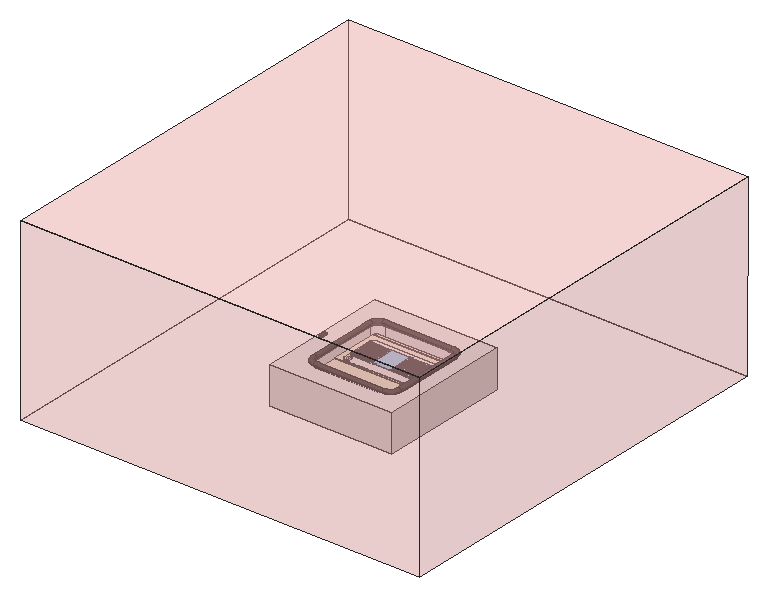
Revit family "BFP-WPL-DSD-MS-___", category Electrical Equipment, host Face, Revit 2018
Family settings
  Host = Face
  Round Connector Dimension = Use Diameter
  Part Type = Other Panel
  OmniClass Number = 23.29.31.13.13
  OmniClass Title = Secondary Fire Alarm Control Panels
  Cut with Voids When Loaded = No
  Shared = No
  Room Calculation Point = No
Parameters (values of type "2/4/8/16 Zone")
  void1 h s = Thick - 2 mm  # 124 mm
  void1 = High - 40 mm - 2 mm  # 328 mm
  void1 h e = Thick  # 126 mm
  r = 40 mm
  Width = 325 mm
  W = 525 mm
  Thick = 126 mm
  Panel Thick = Thick + 2 mm  # 128 mm
  Panel Small R = 20 mm
  Panel H1 = High - 70 mm  # 300 mm
  L1 = Width * 0.06153  # 19.997 mm
  High = 370 mm
  H4 = Panel H1 * 0.15  # 45 mm
  H3 = Panel H1 * 0.066666  # 20 mm
  H2 = Panel H1 * 0.56667  # 170 mm
  H = 569 mm
  DSD.Com.Material = ""
  DSD.Com.Installed Date [instance] = ""
  DSD.Com.Commission Date [instance] = ""
  DSD.Com.CAT Code = "BFP"
  DSD.Com.Asset Code [instance] = ""
  DSD.BFP.Wireless_Optical Zone Tag ID [instance] = ""
  DSD.BFP.Wireless_Optical Tag ID [instance] = ""
  DSD.BFP.Width = 0 mm
  DSD.BFP.Weight = ""
  DSD.BFP.Usage Unit = ""
  DSD.BFP.Unit Number [instance] = ""
  DSD.BFP.System Code [instance] = ""
  DSD.BFP.Supplier Name = ""
  DSD.BFP.Supplier Contact = ""
  DSD.BFP.Site ID = ""
  DSD.BFP.Serial Number [instance] = ""
  DSD.BFP.Remark [instance] = ""
  DSD.BFP.Priority = ""
  DSD.BFP.Place of Origin = ""
  DSD.BFP.Original Price Amount Currency = ""
  DSD.BFP.Original Price Amount [instance] = ""
  DSD.BFP.Model = ""
  DSD.BFP.Manufacturer Name = ""
  DSD.BFP.Manufacturer Contact = ""
  DSD.BFP.Manufactured Date [instance] = ""
  DSD.BFP.Maintenance Usage Threshold = ""
  DSD.BFP.Length = 0 mm
  DSD.BFP.Is Parent Entity = ""
  DSD.BFP.Height = 0 mm
  DSD.BFP.File Number [instance] = ""
  DSD.BFP.Expected Life Time = ""
  DSD.BFP.Equipment Type = ""
  DSD.BFP.Equipment Number [instance] = ""
  DSD.BFP.Equipment Name English = ""
  DSD.BFP.Equipment Name Chinese = ""
  DSD.BFP.Elevation Type = ""
  DSD.BFP.Elevation [instance] = ""
  DSD.BFP.District Code = ""
  DSD.BFP.DLP End Date [instance] = ""
  DSD.BFP.Criticality = ""
  DSD.BFP.Brand Name = ""
  DSD.BFP.Address = ""
  Clearance from Top [instance] = 600 mm
  Clearance from Right [instance] = 600 mm
  Clearance from Left [instance] = 600 mm
  Clearance from Front [instance] = 600 mm
  Clearance from Bottom [instance] = 0 mm
  Clearance from Back [instance] = 600 mm
  Clearance Space_Visible [instance] = yes
  2D Symbol_DI_Visible [instance] = yes
  2D Symbol_Anno_Visible [instance] = yes
  2D Symbol_DI_Offset X [instance] = 0 mm
  2D Symbol_DI_Offset Y [instance] = 0 mm
  Default Elevation = 1219.2 mm
  2D Symbol_DI_Angle [instance] = 90.00°
  2D Symbol_Anno_Offset X [instance] = 0 mm
  2D Symbol_Anno_Angle [instance] = 90.00°
  2D Symbol_Anno_Offset Y [instance] = 0 mm
  2D Symbol_DI_Scale [instance] = DI_BFP_WPL : 1to50
Types (2, lengths in mm): name | void1 h s | void1 | void1 h e | Width | W | Thick | Panel Thick | Panel H1 | L1 | High | H4 | H3 | H2 | H
  2/4/8/16 Zone | 124 | 328 | 126 | 325 | 525 | 126 | 128 | 300 | 19.997 | 370 | 45 | 20 | 170 | 569
  32 Zone | 129 | 399 | 131 | 400 | 600 | 131 | 133 | 371 | 24.612 | 441 | 55.65 | 24.733 | 210.233 | 640
Reference planes
  plane 1 "Center (Front/Back)": y = 0
  plane 2: z = 0
  plane 3 "Center (Left/Right)": x = 0
  plane 4: x = -162.5
  plane 5: x = 162.5
  plane 6: y = 300
  plane 7: y = 130
  plane 8: x = 142.5
  plane 9: x = -142.5
  plane 10: y = 150
  plane 11: y = 85
  plane 12: x = -122.503
  plane 13: y = 370
  plane 14: y = 185
  plane 15: y = -98.048
Forms (mm)
  Extrusion 1, void
    sketch origin (0, 0, 0) x (1, 0, 0) y (0, 1, 0)
      loop
        line (162.5, 330) -> (-162.5, 330) -> (-162.5, 328) -> (162.5, 328) -> (162.5, 330)
    from 124 <- "void1 h s" to 126 <- "void1 h e"
  Sweep 2, solid, material "SHS_White_255-245-206", detail levels fine
    path origin (0, 0, 0) x (1, 0, 0) y (0, 1, 0)
      loop
        line (-162.5, 0) -> (162.5, 0)
    profile origin (0, 0, 0) x (0, 1, 0) y (0, 0, 1)
      loop
        line (370, 0) -> (370, 86)
        arc (370, 86) -> (358.284, 114.284) -> (330, 126) r 40
        line (330, 126) -> (40, 126)
        arc (40, 126) -> (11.716, 114.284) -> (0, 86) r 40
        line (0, 86) -> (0, 0) -> (370, 0)
  Extrusion 3, void
    sketch origin (0, -568, 0) x (1, 0, 0) y (0, 1, 0)
      loop
        line (162.5, 690) -> (-162.5, 690) -> (-162.5, 688) -> (162.5, 688) -> (162.5, 690)
    from 124 <- "void1 h s" to 126 <- "void1 h e"
  Extrusion 4, solid, detail levels fine
    sketch origin (0, 0, 0) x (1, 0, 0) y (0, 1, 0)
      loop
        line (-122.5, 130) -> (122.5, 130)
        arc (122.5, 130) -> (136.642, 135.858) -> (142.5, 150) r 20
        line (142.5, 150) -> (142.5, 280)
        arc (142.5, 280) -> (136.642, 294.142) -> (122.5, 300) r 20
        line (122.5, 300) -> (-122.5, 300)
        arc (-122.5, 300) -> (-136.642, 294.142) -> (-142.5, 280) r 20
        line (-142.5, 280) -> (-142.5, 150)
        arc (-142.5, 150) -> (-136.642, 135.858) -> (-122.5, 130) r 20
    from 126 <- "Thick" to 128 <- "Panel Thick"
  Extrusion 5, solid, material "SHS_White_255-255-255", detail levels fine
    sketch origin (0, 0, 0) x (1, 0, 0) y (0, 1, 0)
      loop
        line (-267.897, -98.048) -> (257.103, -98.048) -> (257.103, 470.952) -> (-267.897, 470.952) -> (-267.897, -98.048)
      loop
        arc (-147.5, 370) -> (-172.249, 359.749) -> (-182.5, 335) r 35
        line (-182.5, 335) -> (-182.5, 35)
        arc (-182.5, 35) -> (-172.249, 10.251) -> (-147.5, 0) r 35
        line (-147.5, 0) -> (147.5, 0)
        arc (147.5, 0) -> (172.249, 10.251) -> (182.5, 35) r 35
        line (182.5, 35) -> (182.5, 335)
        arc (182.5, 335) -> (172.249, 359.749) -> (147.5, 370) r 35
        line (147.5, 370) -> (-147.5, 370)
    from 0 to 160
  Extrusion 6, solid, material "Glass", detail levels fine
    sketch origin (0, 0, 0) x (1, 0, 0) y (0, 1, 0)
      loop
        arc (-182.5, 35) -> (-172.249, 10.251) -> (-147.5, 0) r 35
        line (-147.5, 0) -> (147.5, 0)
        arc (147.5, 0) -> (172.249, 10.251) -> (182.5, 35) r 35
        line (182.5, 35) -> (182.5, 335)
        arc (182.5, 335) -> (172.249, 359.749) -> (147.5, 370) r 35
        line (147.5, 370) -> (-147.5, 370)
        arc (-147.5, 370) -> (-172.249, 359.749) -> (-182.5, 335) r 35
        line (-182.5, 335) -> (-182.5, 35)
    from 155 to 160
  Sweep 7, solid, material "SHS_Black_0-0-0", detail levels fine
    path in 3D
      loop
        arc (-182.5, 35, 160) -> (-172.249, 10.251, 160) -> (-147.5, 0, 160) r 35
        line (-147.5, 0, 160) -> (147.5, 0, 160)
        arc (147.5, 0, 160) -> (172.249, 10.251, 160) -> (182.5, 35, 160) r 35
        line (182.5, 35, 160) -> (182.5, 335, 160)
        arc (182.5, 335, 160) -> (172.249, 359.749, 160) -> (147.5, 370, 160) r 35
        line (147.5, 370, 160) -> (-147.5, 370, 160)
        arc (-147.5, 370, 160) -> (-172.249, 359.749, 160) -> (-182.5, 335, 160) r 35
        line (-182.5, 335, 160) -> (-182.5, 35, 160)
    profile origin (-182.5, 185, 160) x (1, 0, 0) y (0, 0, 1)
      loop
        circle (0, 0) r 10
  Blend 8, solid, material "SHS_Grey_192-192-192", detail levels fine
    base sketch origin (0, 0, 128) x (1, 0, 0) y (0, 1, 0)
      loop
        circle (-122.503, 150) r 7.988
    top sketch origin (0, 0, 128) x (1, 0, 0) y (0, 1, 0)
      loop
        circle (-122.503, 150) r 6
    from 0 to 2
  Blend 9, solid, material "SHS_Grey_192-192-192", detail levels fine
    base sketch origin (-162.5, 40, 126) x (1, 0, 0) y (0, 1, 0)
      loop
        circle (305, 45) r 14
    top sketch origin (-162.5, 40, 126) x (1, 0, 0) y (0, 1, 0)
      loop
        circle (305, 45) r 10
    from 0 to 2
  Extrusion 10, solid, material "SHS_Black_0-0-0", detail levels fine
    sketch origin (0, -65, 0) x (1, 0, 0) y (0, 1, 0)
      loop
        line (-255.332, 246.948) -> (-255.332, 216.948) -> (-245.332, 216.948) -> (-245.332, 246.948) -> (-255.332, 246.948)
    from 160 to 170
Cuts and joins
  Extrusion 1, Extrusion 3 cuts Sweep 2
Lines and regions (mm)
  sketch lines
    curve 1: line (-182.5, 335, 160) -> (-182.5, 35, 160)
    curve 2: arc (-147.5, 0, 160) -> (-172.249, 10.251, 160) -> (-182.5, 35, 160) r 35
    curve 3: line (-147.5, 0, 160) -> (147.5, 0, 160)
    curve 4: arc (182.5, 35, 160) -> (172.249, 10.251, 160) -> (147.5, 0, 160) r 35
    curve 5: line (182.5, 35, 160) -> (182.5, 335, 160)
    curve 6: arc (147.5, 370, 160) -> (172.249, 359.749, 160) -> (182.5, 335, 160) r 35
    curve 7: line (147.5, 370, 160) -> (-147.5, 370, 160)
    curve 8: arc (-182.5, 335, 160) -> (-172.249, 359.749, 160) -> (-147.5, 370, 160) r 35
Dimensions and locks
  "Width": plane 4 to plane 5
  equal spacing: plane 4, plane 3 "Center (Left/Right)", plane 5
  "High": Sweep 2 sketch curve to plane 1 "Center (Front/Back)"
  "Thick": Sweep 2 sketch curve to level
  "void1": Extrusion 1 to plane 1 "Center (Front/Back)"
  "void1 h e": Extrusion 1 to level
  "Panel H1": plane 6 to plane 1 "Center (Front/Back)"
  "H2": plane 6 to plane 7
  locked: plane 4 to plane 9 at 20
  locked: plane 8 to plane 5 at 20
  locked: nested 1 to plane 6 at 130
  locked: plane 5 to Extrusion 5 sketch curve at 20
  locked: Extrusion 5 sketch curve to plane 4 at 20
  "H3": plane 10 to plane 7
  "H4": plane 7 to plane 11
  "L1": plane 9 to plane 12
  "High": plane 13 to plane 1 "Center (Front/Back)"
  equal spacing: plane 13, plane 14, plane 1 "Center (Front/Back)"
  "r": radius of Sweep 2 sketch curve  (x2)
  "Panel Small R": radius of Extrusion 4 sketch curve  (x4)
  "2D Symbol_DI_Angle": angle level to nested 2
  "2D Symbol_DI_Angle": angle nested 2 to plane 2
  "2D Symbol_Anno_Angle": angle plane 14 to nested 4
  aligned and locked: plane 2 to host face
  aligned and locked: level to host face
  aligned and locked: Extrusion 1 to plane 4
  aligned and locked: plane 5 to Extrusion 1
  aligned and locked: Extrusion 4 sketch curve to plane 7
  aligned and locked: Extrusion 4 sketch curve to plane 9
  aligned and locked: plane 6 to Extrusion 4 sketch curve
  aligned and locked: Extrusion 4 sketch curve to plane 8
  aligned and locked: Extrusion 6 sketch curve to Extrusion 5  (x4)
  aligned and locked: plane 10 to Blend 8 sketch curve  (x2)
  aligned and locked: plane 12 to Blend 8 sketch curve  (x2)
  aligned and locked: plane 11 to Blend 9 sketch curve  (x2)
  aligned and locked: plane 8 to Blend 9 sketch curve  (x2)
  aligned and locked: nested 5 to plane 14
Automatic sketch dimensions
  host sketch curve to host sketch curve = 2438.4 mm  (x2)
  Extrusion 1 sketch curve to plane 4 = 0 mm
  Extrusion 1 sketch curve to plane 5 = 0 mm
  plane 6 to Extrusion 1 sketch curve = 28 mm
  Extrusion 1 sketch curve to Extrusion 1 sketch curve = 2 mm
  plane 1 "Center (Front/Back)" to Sweep 2 sketch curve = 0 mm
  Sweep 2 sketch curve to plane 4 = 0 mm
  Sweep 2 sketch curve to plane 5 = 0 mm
  Extrusion 3 sketch curve to plane 4 = 0 mm
  Extrusion 3 sketch curve to plane 5 = 0 mm
  Extrusion 3 sketch curve to plane 7 = 10 mm
  Extrusion 3 sketch curve to Extrusion 3 sketch curve = 2 mm
  plane 1 "Center (Front/Back)" to Extrusion 5 sketch curve = 0 mm
  Extrusion 5 sketch curve to plane 4 = 105.397 mm
  Extrusion 5 sketch curve to plane 9 = 5 mm  (x2)
  Extrusion 5 sketch curve to plane 8 = 5 mm  (x2)
  plane 5 to Extrusion 5 sketch curve = 94.603 mm
  plane 1 "Center (Front/Back)" to Extrusion 5 sketch curve = 98.048 mm
  plane 6 to Extrusion 5 sketch curve = 35 mm
  Extrusion 5 sketch curve to Extrusion 5 sketch curve = 100.952 mm
  profile plane to Sweep 7 sketch curve = 0 mm
  Sweep 7 sketch curve to profile plane = 0 mm
  Sweep 2 sketch curve to level = 0 mm
  Sweep 2 sketch curve to profile plane = 0 mm
  plane 14 to Extrusion 10 sketch curve = 33.052 mm
  Extrusion 10 sketch curve to plane 4 = 92.832 mm
  Extrusion 10 sketch curve to Extrusion 10 sketch curve = 10 mm
  Extrusion 10 sketch curve to Extrusion 10 sketch curve = 30 mm
  radius of Sweep 7 sketch curve = 10 mm
  radius of Blend 8 sketch curve = 7.988 mm
  radius of Blend 8 sketch curve = 6 mm
  radius of Blend 9 sketch curve = 14 mm
  radius of Blend 9 sketch curve = 10 mm
Nested families
  nested 1: "Panel Button" at (-171.268, 276, 128), type "Panel Button", detail levels fine
  nested 2: "DI_BFP_WPL" at (-2.113, 0, 2.113) x (-1, 0, 0) z (0, -1, 0), visible <- "2D Symbol_DI_Visible", User X <- "2D Symbol_DI_Offset X", User Y <- "2D Symbol_DI_Offset Y", type <- "2D Symbol_DI_Scale", type "1to50", detail levels coarse+medium
    with User Y 0 mm, User X 0 mm, Detail Item W 10000 mm, Detail Item H 10000 mm, 2W 20000 mm, 2H 20000 mm
  nested 3: "Anno_BFP_WPL" at (-2498.71, -822.474, 0), type "Anno_BFP_WPL"
    with User Y 0 mm, User X 0 mm, Annotation W 200 mm, Annotation H 200 mm
  nested 4: "Anno_BFP_WPL" at (0, 185, 0), User X <- "2D Symbol_Anno_Offset X", User Y <- "2D Symbol_Anno_Offset Y", visible <- "2D Symbol_Anno_Visible", type "Anno_BFP_WPL", detail levels coarse+medium
    with User Y 0 mm, User X 0 mm, Annotation W 200 mm, Annotation H 200 mm
  nested 5: "Clearance Space" at (0, 185, 0), ClearanceFromBack <- "Clearance from Back", ClearanceFromFront <- "Clearance from Front", ClearanceFromLeft <- "Clearance from Left", ClearanceFromRight <- "Clearance from Right", ClearanceFromTop <- "Clearance from Top", ClearanceFromBottom <- "Clearance from Bottom", visible <- "Clearance Space_Visible", ObjectWidth <- "H", ObjectLength <- "W", type "Clearance Space"
    with box vv yes, ObjectWidth 569 mm, ObjectLength 525 mm, ObjectHeight 170 mm, ObjectDepth 0 mm, ClearanceFromTop 600 mm, ClearanceFromRight 600 mm, ClearanceFromLeft 600 mm, ClearanceFromFront 600 mm, ClearanceFromBottom 0 mm, ClearanceFromBack 600 mm
Connectors
  electrical at (0, 370, 43)
    settings: on cut or joined group of Extrusion 1, Sweep 2, Extrusion 3, index 1, voltage 230 V, apparent load 0 VA, apparent load phase1 230 VA, apparent load phase2 0 VA, apparent load phase3 0 VA, power factor 1, load classification "Other", number of poles 1, system type 11, power factor state 1, is connector primary yes, connector utility no, sub classification motor no, connector description ""
Definition of nested family "Panel Button"
  Parameters (values of type "Panel Button")
    Default Elevation = 1219.2 mm
  Reference planes
    plane 1 "Center (Front/Back)": y = 0
    plane 2: z = 0
    plane 3 "Center (Left/Right)": x = 0
  Forms (mm)
    Extrusion 1, solid
      sketch origin (0, 0, 0) x (1, 0, 0) y (0, 1, 0)
        loop
          line (-1219.2, 1219.2) -> (-1219.2, -1219.2) -> (1219.2, -1219.2) -> (1219.2, 1219.2) -> (-1219.2, 1219.2)
      from 0 to -304.8
    Extrusion 2, solid
      sketch origin (40, 0, 0) x (1, 0, 0) y (0, 1, 0)
        loop
          arc (0, 5) -> (-3.5, 1.5) -> (0, -2) r 3.5
          line (0, -2) -> (80, -2)
          arc (80, -2) -> (83.5, 1.5) -> (80, 5) r 3.5
          line (80, 5) -> (0, 5)
      from 0 to 1
    Extrusion 3, solid
      sketch origin (0, 0, 0) x (1, 0, 0) y (0, 1, 0)
        loop
          arc (201.268, -106) -> (204.803, -104.536) -> (206.268, -101) r 5
          line (206.268, -101) -> (206.268, 0)
          arc (206.268, 0) -> (204.803, 3.536) -> (201.268, 5) r 5
          line (201.268, 5) -> (136.268, 5)
          arc (136.268, 5) -> (132.732, 3.536) -> (131.268, 0) r 5
          line (131.268, 0) -> (131.268, -101)
          arc (131.268, -101) -> (132.732, -104.536) -> (136.268, -106) r 5
          line (136.268, -106) -> (201.268, -106)
      from 0 to 1
    Extrusion 4, solid
      sketch origin (40, -8, 0) x (1, 0, 0) y (0, 1, 0)
        loop
          arc (0, 5) -> (-3.5, 1.5) -> (0, -2) r 3.5
          line (0, -2) -> (80, -2)
          arc (80, -2) -> (83.5, 1.5) -> (80, 5) r 3.5
          line (80, 5) -> (0, 5)
      from 0 to 1
    Extrusion 5, solid
      sketch origin (40, -16, 0) x (1, 0, 0) y (0, 1, 0)
        loop
          arc (0, 5) -> (-3.5, 1.5) -> (0, -2) r 3.5
          line (0, -2) -> (80, -2)
          arc (80, -2) -> (83.5, 1.5) -> (80, 5) r 3.5
          line (80, 5) -> (0, 5)
      from 0 to 1
    Extrusion 6, solid
      sketch origin (40, -24, 0) x (1, 0, 0) y (0, 1, 0)
        loop
          arc (0, 5) -> (-3.5, 1.5) -> (0, -2) r 3.5
          line (0, -2) -> (80, -2)
          arc (80, -2) -> (83.5, 1.5) -> (80, 5) r 3.5
          line (80, 5) -> (0, 5)
      from 0 to 1
    Extrusion 7, solid
      sketch origin (40, -32, 0) x (1, 0, 0) y (0, 1, 0)
        loop
          arc (0, 5) -> (-3.5, 1.5) -> (0, -2) r 3.5
          line (0, -2) -> (80, -2)
          arc (80, -2) -> (83.5, 1.5) -> (80, 5) r 3.5
          line (80, 5) -> (0, 5)
      from 0 to 1
    Extrusion 8, solid
      sketch origin (40, -40, 0) x (1, 0, 0) y (0, 1, 0)
        loop
          arc (0, 5) -> (-3.5, 1.5) -> (0, -2) r 3.5
          line (0, -2) -> (80, -2)
          arc (80, -2) -> (83.5, 1.5) -> (80, 5) r 3.5
          line (80, 5) -> (0, 5)
      from 0 to 1
    Extrusion 9, solid
      sketch origin (40, -48, 0) x (1, 0, 0) y (0, 1, 0)
        loop
          arc (0, 5) -> (-3.5, 1.5) -> (0, -2) r 3.5
          line (0, -2) -> (80, -2)
          arc (80, -2) -> (83.5, 1.5) -> (80, 5) r 3.5
          line (80, 5) -> (0, 5)
      from 0 to 1
    Extrusion 10, solid
      sketch origin (40, -56, 0) x (1, 0, 0) y (0, 1, 0)
        loop
          arc (0, 5) -> (-3.5, 1.5) -> (0, -2) r 3.5
          line (0, -2) -> (80, -2)
          arc (80, -2) -> (83.5, 1.5) -> (80, 5) r 3.5
          line (80, 5) -> (0, 5)
      from 0 to 1
    Extrusion 11, solid
      sketch origin (40, -64, 0) x (1, 0, 0) y (0, 1, 0)
        loop
          arc (0, 5) -> (-3.5, 1.5) -> (0, -2) r 3.5
          line (0, -2) -> (80, -2)
          arc (80, -2) -> (83.5, 1.5) -> (80, 5) r 3.5
          line (80, 5) -> (0, 5)
      from 0 to 1
    Extrusion 12, solid
      sketch origin (40, -72, 0) x (1, 0, 0) y (0, 1, 0)
        loop
          arc (0, 5) -> (-3.5, 1.5) -> (0, -2) r 3.5
          line (0, -2) -> (80, -2)
          arc (80, -2) -> (83.5, 1.5) -> (80, 5) r 3.5
          line (80, 5) -> (0, 5)
      from 0 to 1
    Extrusion 13, solid
      sketch origin (40, -80, 0) x (1, 0, 0) y (0, 1, 0)
        loop
          arc (0, 5) -> (-3.5, 1.5) -> (0, -2) r 3.5
          line (0, -2) -> (80, -2)
          arc (80, -2) -> (83.5, 1.5) -> (80, 5) r 3.5
          line (80, 5) -> (0, 5)
      from 0 to 1
    Extrusion 14, solid
      sketch origin (40, -88, 0) x (1, 0, 0) y (0, 1, 0)
        loop
          arc (0, 5) -> (-3.5, 1.5) -> (0, -2) r 3.5
          line (0, -2) -> (80, -2)
          arc (80, -2) -> (83.5, 1.5) -> (80, 5) r 3.5
          line (80, 5) -> (0, 5)
      from 0 to 1
    Extrusion 15, solid
      sketch origin (40, -96, 0) x (1, 0, 0) y (0, 1, 0)
        loop
          arc (0, 5) -> (-3.5, 1.5) -> (0, -2) r 3.5
          line (0, -2) -> (80, -2)
          arc (80, -2) -> (83.5, 1.5) -> (80, 5) r 3.5
          line (80, 5) -> (0, 5)
      from 0 to 1
    Extrusion 16, solid
      sketch origin (40, -104, 0) x (1, 0, 0) y (0, 1, 0)
        loop
          arc (0, 5) -> (-3.5, 1.5) -> (0, -2) r 3.5
          line (0, -2) -> (80, -2)
          arc (80, -2) -> (83.5, 1.5) -> (80, 5) r 3.5
          line (80, 5) -> (0, 5)
      from 0 to 1
    Extrusion 17, solid
      sketch origin (297.535, 0, 0) x (-1, 0, 0) y (0, -1, 0)
        loop
          line (0, -5) -> (80, -5)
          arc (80, -5) -> (83.5, -1.5) -> (80, 2) r 3.5
          line (80, 2) -> (0, 2)
          arc (0, 2) -> (-3.5, -1.5) -> (0, -5) r 3.5
      from 0 to 1
    Extrusion 18, solid
      sketch origin (297.535, -8, 0) x (-1, 0, 0) y (0, -1, 0)
        loop
          line (0, -5) -> (80, -5)
          arc (80, -5) -> (83.5, -1.5) -> (80, 2) r 3.5
          line (80, 2) -> (0, 2)
          arc (0, 2) -> (-3.5, -1.5) -> (0, -5) r 3.5
      from 0 to 1
    Extrusion 19, solid
      sketch origin (297.535, -16, 0) x (-1, 0, 0) y (0, -1, 0)
        loop
          line (0, -5) -> (80, -5)
          arc (80, -5) -> (83.5, -1.5) -> (80, 2) r 3.5
          line (80, 2) -> (0, 2)
          arc (0, 2) -> (-3.5, -1.5) -> (0, -5) r 3.5
      from 0 to 1
    Extrusion 20, solid
      sketch origin (297.535, -24, 0) x (-1, 0, 0) y (0, -1, 0)
        loop
          line (0, -5) -> (80, -5)
          arc (80, -5) -> (83.5, -1.5) -> (80, 2) r 3.5
          line (80, 2) -> (0, 2)
          arc (0, 2) -> (-3.5, -1.5) -> (0, -5) r 3.5
      from 0 to 1
    Extrusion 21, solid
      sketch origin (297.535, -32, 0) x (-1, 0, 0) y (0, -1, 0)
        loop
          line (0, -5) -> (80, -5)
          arc (80, -5) -> (83.5, -1.5) -> (80, 2) r 3.5
          line (80, 2) -> (0, 2)
          arc (0, 2) -> (-3.5, -1.5) -> (0, -5) r 3.5
      from 0 to 1
    Extrusion 22, solid
      sketch origin (297.535, -40, 0) x (-1, 0, 0) y (0, -1, 0)
        loop
          line (0, -5) -> (80, -5)
          arc (80, -5) -> (83.5, -1.5) -> (80, 2) r 3.5
          line (80, 2) -> (0, 2)
          arc (0, 2) -> (-3.5, -1.5) -> (0, -5) r 3.5
      from 0 to 1
    Extrusion 23, solid
      sketch origin (297.535, -48, 0) x (-1, 0, 0) y (0, -1, 0)
        loop
          line (0, -5) -> (80, -5)
          arc (80, -5) -> (83.5, -1.5) -> (80, 2) r 3.5
          line (80, 2) -> (0, 2)
          arc (0, 2) -> (-3.5, -1.5) -> (0, -5) r 3.5
      from 0 to 1
    Extrusion 24, solid
      sketch origin (297.535, -56, 0) x (-1, 0, 0) y (0, -1, 0)
        loop
          line (0, -5) -> (80, -5)
          arc (80, -5) -> (83.5, -1.5) -> (80, 2) r 3.5
          line (80, 2) -> (0, 2)
          arc (0, 2) -> (-3.5, -1.5) -> (0, -5) r 3.5
      from 0 to 1
    Extrusion 25, solid
      sketch origin (297.535, -64, 0) x (-1, 0, 0) y (0, -1, 0)
        loop
          line (0, -5) -> (80, -5)
          arc (80, -5) -> (83.5, -1.5) -> (80, 2) r 3.5
          line (80, 2) -> (0, 2)
          arc (0, 2) -> (-3.5, -1.5) -> (0, -5) r 3.5
      from 0 to 1
    Extrusion 26, solid
      sketch origin (297.535, -72, 0) x (-1, 0, 0) y (0, -1, 0)
        loop
          line (0, -5) -> (80, -5)
          arc (80, -5) -> (83.5, -1.5) -> (80, 2) r 3.5
          line (80, 2) -> (0, 2)
          arc (0, 2) -> (-3.5, -1.5) -> (0, -5) r 3.5
      from 0 to 1
    Extrusion 27, solid
      sketch origin (297.535, -80, 0) x (-1, 0, 0) y (0, -1, 0)
        loop
          line (0, -5) -> (80, -5)
          arc (80, -5) -> (83.5, -1.5) -> (80, 2) r 3.5
          line (80, 2) -> (0, 2)
          arc (0, 2) -> (-3.5, -1.5) -> (0, -5) r 3.5
      from 0 to 1
    Extrusion 28, solid
      sketch origin (297.535, -88, 0) x (-1, 0, 0) y (0, -1, 0)
        loop
          line (0, -5) -> (80, -5)
          arc (80, -5) -> (83.5, -1.5) -> (80, 2) r 3.5
          line (80, 2) -> (0, 2)
          arc (0, 2) -> (-3.5, -1.5) -> (0, -5) r 3.5
      from 0 to 1
    Extrusion 29, solid
      sketch origin (297.535, -96, 0) x (-1, 0, 0) y (0, -1, 0)
        loop
          line (0, -5) -> (80, -5)
          arc (80, -5) -> (83.5, -1.5) -> (80, 2) r 3.5
          line (80, 2) -> (0, 2)
          arc (0, 2) -> (-3.5, -1.5) -> (0, -5) r 3.5
      from 0 to 1
    Extrusion 30, solid
      sketch origin (297.535, -104, 0) x (-1, 0, 0) y (0, -1, 0)
        loop
          line (0, -5) -> (80, -5)
          arc (80, -5) -> (83.5, -1.5) -> (80, 2) r 3.5
          line (80, 2) -> (0, 2)
          arc (0, 2) -> (-3.5, -1.5) -> (0, -5) r 3.5
      from 0 to 1
  Dimensions and locks
    aligned and locked: plane 2 to Extrusion 1
    aligned and locked: level to Extrusion 1
Definition of nested family "Clearance Space"
  Parameters (values of type "Clearance Space")
    box vv [instance] = yes
    ObjectWidth [instance] = 600 mm
    ObjectLength [instance] = 600 mm
    ObjectHeight [instance] = 600 mm
    ObjectDepth [instance] = 0 mm
    ClearanceFromTop [instance] = 0 mm
    ClearanceFromRight [instance] = 0 mm
    ClearanceFromLeft [instance] = 0 mm
    ClearanceFromFront [instance] = 0 mm
    ClearanceFromBottom [instance] = 0 mm
    ClearanceFromBack [instance] = 0 mm
    Clearance Zone = none
  Reference planes
    plane 1 "Center (Front/Back)": y = 0
    plane 2: z = 0
    plane 3 "Center (Left/Right)": x = 0
    plane 4: y = 300
    plane 5: y = -300
    plane 6: x = -300
    plane 7: x = 300
    plane 8: x = -300
    plane 9: x = 300
    plane 10: y = -300
    plane 11: z = 600
    plane 12: z = 0
    plane 13: z = 600
    plane 14: z = 0
    plane 15: y = 300
  Forms (mm)
    Extrusion 1, solid, material <- "Clearance Zone", visible <- "box vv"
      sketch origin (-300, 764.663, 0) x (-1, 0, 0) y (0, -1, 0)
        loop
          line (0, 464.663) -> (0, 1064.663) -> (-600, 1064.663) -> (-600, 464.663) -> (0, 464.663)
      from 0 to 600
  Lines and regions (mm)
    model lines
      curve 1: line (-300, 300, 600) -> (300, 300, 600)
      curve 2: line (-300, -300, 600) -> (-300, 300, 600)
      curve 3: line (300, -300, 600) -> (-300, -300, 600)
      curve 4: line (300, 300, 600) -> (300, -300, 600)
      curve 5: line (300, 300, 600) -> (300, -300, 600)
      curve 6: line (300, 300, 0) -> (300, 300, 600)
      curve 7: line (300, -300, 0) -> (300, 300, 0)
      curve 8: line (300, -300, 600) -> (300, -300, 0)
      curve 9: line (-300, -300, 600) -> (300, -300, 600)
      curve 10: line (-300, -300, 0) -> (-300, -300, 600)
      curve 11: line (300, -300, 0) -> (-300, -300, 0)
      curve 12: line (300, -300, 600) -> (300, -300, 0)
      curve 13: line (300, 300, 600) -> (-300, 300, 600)
      curve 14: line (300, 300, 0) -> (300, 300, 600)
      curve 15: line (-300, 300, 0) -> (300, 300, 0)
      curve 16: line (-300, 300, 600) -> (-300, 300, 0)
      curve 17: line (-300, 300, 0) -> (300, 300, 0)
      curve 18: line (-300, -300, 0) -> (-300, 300, 0)
      curve 19: line (300, -300, 0) -> (-300, -300, 0)
      curve 20: line (300, 300, 0) -> (300, -300, 0)
  Dimensions and locks
    "ClearanceFromLeft": plane 8 to plane 6
    "ClearanceFromRight": plane 7 to plane 9
    "ClearanceFromFront": plane 5 to plane 10
    "ObjectLength": plane 6 to plane 7
    "ObjectWidth": plane 4 to plane 5
    equal spacing: plane 4, plane 1 "Center (Front/Back)", plane 5
    equal spacing: plane 6, plane 3 "Center (Left/Right)", plane 7
    "ObjectHeight": plane 11 to plane 2
    "ClearanceFromBottom": plane 12 to plane 14
    "ClearanceFromTop": plane 13 to plane 11
    "ObjectDepth": level to plane 12
    "ClearanceFromBack": plane 15 to plane 4
    aligned and locked: level to plane 2
    aligned and locked: plane 8 to Extrusion 1 sketch curve
    aligned and locked: plane 10 to Extrusion 1 sketch curve
    aligned and locked: Extrusion 1 sketch curve to plane 9
    aligned and locked: plane 13 to Extrusion 1
    aligned and locked: Extrusion 1 to plane 14
    aligned and locked: Extrusion 1 to plane 10
    aligned and locked: Extrusion 1 to plane 8
    aligned and locked: plane 9 to Extrusion 1
    aligned and locked: curve 2 to Extrusion 1
    aligned and locked: curve 1 to Extrusion 1
    aligned and locked: curve 4 to Extrusion 1
    aligned and locked: curve 3 to Extrusion 1
    aligned and locked: curve 5 to Extrusion 1
    aligned and locked: curve 6 to Extrusion 1
    aligned and locked: curve 8 to Extrusion 1
    aligned and locked: curve 7 to Extrusion 1
    aligned and locked: curve 9 to Extrusion 1
    aligned and locked: curve 10 to Extrusion 1
    aligned and locked: curve 11 to Extrusion 1
    aligned and locked: curve 12 to Extrusion 1
    aligned and locked: curve 13 to Extrusion 1
    aligned and locked: curve 14 to Extrusion 1
    aligned and locked: curve 15 to Extrusion 1
    aligned and locked: curve 16 to Extrusion 1
    aligned and locked: curve 17 to Extrusion 1
    aligned and locked: curve 18 to Extrusion 1
    aligned and locked: curve 19 to Extrusion 1
    aligned and locked: curve 20 to Extrusion 1
    aligned and locked: plane 15 to Extrusion 1
  Automatic sketch dimensions
    plane 4 to Extrusion 1 sketch curve = 0 mm
Definition of nested family "DI_BFP_WPL"
  Parameters (values of type "1to50")
    User Y [instance] = 0 mm
    User X [instance] = 0 mm
    Detail Item W [instance] = 10000 mm + User X  # 10000 mm
    Detail Item Type = Scale 2 : 1to50
    Detail Item H [instance] = 10000 mm + User Y  # 10000 mm
    2W [instance] = Detail Item W * 2  # 20000 mm
    2H [instance] = Detail Item H * 2  # 20000 mm
  Types (3, lengths in mm): name | Detail Item Type
    1to200 | Scale 2 : 1to200
    1to100 | Scale 2 : 1to100
    1to50 | Scale 2 : 1to50
  Reference planes
    plane 1 "Center (Front/Back)": y = 0
    plane 2: z = 0
    plane 3 "Center (Left/Right)": x = 0
    plane 4: x = -10000
    plane 5: y = -10000
    plane 6: x = 10000
    plane 7: y = 10000
  Dimensions and locks
    "Detail Item W": plane 4 to nested 1
    "Detail Item H": nested 1 to plane 5
    "2W": plane 4 to plane 6
    "2H": plane 7 to plane 5
  Nested families
    nested 1: "Scale 2" at (0, 0, 0), type <- "Detail Item Type", type "1to50", in view "Ref. Level"
  Definition of nested family "Scale 2"
    Parameters (values of type "1to200")
      1to50 = no
      1to200 = yes
      1to100 = no
    Types (3, lengths in mm): name | 1to50 | 1to200 | 1to100
      1to200 | no | yes | no
      1to100 | no | no | yes
      1to50 | yes | no | no
    Reference planes
      plane 1 "Center (Front/Back)": y = 0
      plane 2: z = 0
      plane 3 "Center (Left/Right)": x = 0
    Lines and regions (mm)
      Filled region 1, type "Solid Fill - Black", in view "Ref. Level", visible <- "1to50"
        outline origin (-657.76, 0.252, 0) x (1, 0, 0) y (0, 1, 0)
          loop
            line (572.864, 59.748) -> (635.26, 59.748) -> (635.26, 71.636) -> (586.171, 71.636) -> (586.171, 159.749) -> (572.864, 159.749) -> (572.864, 59.748)
      Filled region 2, type "Solid Fill - Black", in view "Ref. Level", visible <- "1to100"
        outline origin (-628.985, 60.736, 0) x (1, 0, 0) y (0, 1, 0)
          loop
            line (461.694, 59.344) -> (586.485, 59.344) -> (586.485, 83.12) -> (488.307, 83.12) -> (488.307, 259.345) -> (461.694, 259.345) -> (461.694, 59.344)
      Filled region 3, type "Solid Fill - Black", in view "Ref. Level", visible <- "1to200"
        outline origin (-1224.359, 387.193, 0) x (1, 0, 0) y (0, 1, 0)
          loop
            line (874.194, -117.032) -> (1123.776, -117.032) -> (1123.776, -69.481) -> (927.421, -69.481) -> (927.421, 282.969) -> (874.194, 282.969) -> (874.194, -117.032)
      Filled region 4, type "Solid Fill - Black", in view "Ref. Level", visible <- "1to50"
        outline origin (-7182.466, 3792.321, 0) x (1, 0, 0) y (0, 1, 0)
          loop
            line (7179.666, -3732.321) -> (7193.417, -3732.321) -> (7217.997, -3642.819) -> (7242.577, -3732.321) -> (7256.328, -3732.321) -> (7283.396, -3630.519) -> (7269.944, -3630.519) -> (7249.361, -3707.933) -> (7228.1, -3630.519) -> (7207.893, -3630.519) -> (7186.633, -3707.933) -> (7166.049, -3630.519) -> (7152.598, -3630.519) -> (7179.666, -3732.321)
      Filled region 5, type "Solid Fill - Black", in view "Ref. Level", visible <- "1to100"
        outline origin (-7161.392, 4272.953, 0) x (1, 0, 0) y (0, 1, 0)
          loop
            line (7126.99, -3949.284) -> (7099.206, -3949.284) -> (7153.336, -4152.873) -> (7180.854, -4152.873) -> (7230.007, -3973.851) -> (7279.159, -4152.873) -> (7306.677, -4152.873) -> (7360.808, -3949.284) -> (7333.023, -3949.284) -> (7293.475, -4124.386) -> (7245.58, -3949.26) -> (7214.433, -3949.26) -> (7166.539, -4124.386) -> (7126.99, -3949.284)
      Filled region 6, type "Solid Fill - Black", in view "Ref. Level", visible <- "1to200"
        outline origin (-7189.476, 5065.793, 0) x (1, 0, 0) y (0, 1, 0)
          loop
            line (7081.501, -4388.175) -> (7189.476, -4795.632) -> (7244.863, -4795.632) -> (7342.676, -4438.796) -> (7440.489, -4795.632) -> (7495.876, -4795.632) -> (7603.852, -4388.175) -> (7548.332, -4388.175) -> (7469.255, -4739.383) -> (7372.985, -4388.175) -> (7312.368, -4388.175) -> (7216.098, -4739.383) -> (7137.021, -4388.175) -> (7081.501, -4388.175)
      detail lines, in view "Ref. Level", visible <- "1to50"
        curve 1: line (112.944, 225.889, 0) -> (-112.944, 225.889, 0)
        curve 2: line (-112.944, 225.889, 0) -> (-112.944, 0, 0)
        curve 3: line (-112.944, 0, 0) -> (112.944, 0, 0)
        curve 4: line (112.944, 0, 0) -> (112.944, 225.889, 0)
        curve 5: line (112.944, 225.889, 0) -> (-112.944, 225.889, 0)
        curve 6: line (-112.944, 225.889, 0) -> (-112.944, 0, 0)
        curve 7: line (-112.944, 0, 0) -> (112.944, 0, 0)
        curve 8: line (112.944, 0, 0) -> (112.944, 225.889, 0)
      detail lines, in view "Ref. Level", visible <- "1to100"
        curve 9: line (225.889, 451.778, 0) -> (-225.889, 451.778, 0)
        curve 10: line (-225.889, 451.778, 0) -> (-225.889, 0, 0)
        curve 11: line (-225.889, 0, 0) -> (225.889, 0, 0)
        curve 12: line (225.889, 0, 0) -> (225.889, 451.778, 0)
        curve 13: line (225.889, 451.778, 0) -> (-225.889, 451.778, 0)
        curve 14: line (-225.889, 451.778, 0) -> (-225.889, 0, 0)
        curve 15: line (-225.889, 0, 0) -> (225.889, 0, 0)
        curve 16: line (225.889, 0, 0) -> (225.889, 451.778, 0)
      detail lines, in view "Ref. Level", visible <- "1to200"
        curve 17: line (451.778, 903.556, 0) -> (-451.778, 903.556, 0)
        curve 18: line (-451.778, 903.556, 0) -> (-451.778, 0, 0)
        curve 19: line (-451.778, 0, 0) -> (451.778, 0, 0)
        curve 20: line (451.778, 0, 0) -> (451.778, 903.556, 0)
        curve 21: line (451.778, 903.556, 0) -> (-451.778, 903.556, 0)
        curve 22: line (-451.778, 903.556, 0) -> (-451.778, 0, 0)
        curve 23: line (-451.778, 0, 0) -> (451.778, 0, 0)
        curve 24: line (451.778, 0, 0) -> (451.778, 903.556, 0)
Definition of nested family "Anno_BFP_WPL"
  Parameters (values of type "Anno_BFP_WPL")
    User Y [instance] = 0 mm
    User X [instance] = 0 mm
    Annotation W [instance] = 200 mm + User X  # 200 mm
    Annotation H [instance] = 200 mm + User Y  # 200 mm
  Reference planes
    plane 1: y = 0
    plane 2: x = 0
  Lines and regions (mm)
    reference lines
      curve 1: line (-200, -141.949, 0) -> (-200, 53.051, 0)
      curve 2: line (-184.39, -200, 0) -> (165.61, -200, 0)
  Dimensions and locks
    "Annotation H": curve 2 to nested 1
    "Annotation W": curve 1 to nested 1
  Automatic sketch dimensions
    curve 1 to plane 1 = 53.051 mm
    curve 1 to plane 2 = 200 mm
    curve 1 to curve 2 = 15.61 mm
    plane 2 to curve 2 = 165.61 mm
    plane 1 to curve 1 = 141.949 mm
    curve 2 to curve 1 = 58.051 mm
  Nested families
    nested 1: "Annotations2" at (0, 0, 0), type "LF"
  Definition of nested family "Annotations2"
    Reference planes
      plane 1: y = 0
      plane 2: x = 0
    Lines and regions (mm)
      detail lines
        curve 1: line (2.259, 2.259, 0) -> (-2.259, 2.259, 0)
        curve 2: line (-2.259, 2.259, 0) -> (-2.259, -2.259, 0)
        curve 3: line (-2.259, -2.259, 0) -> (2.259, -2.259, 0)
        curve 4: line (2.259, -2.259, 0) -> (2.259, 2.259, 0)
    Text (mm)
      text "LW" at (0.106, 1.523, 0)
